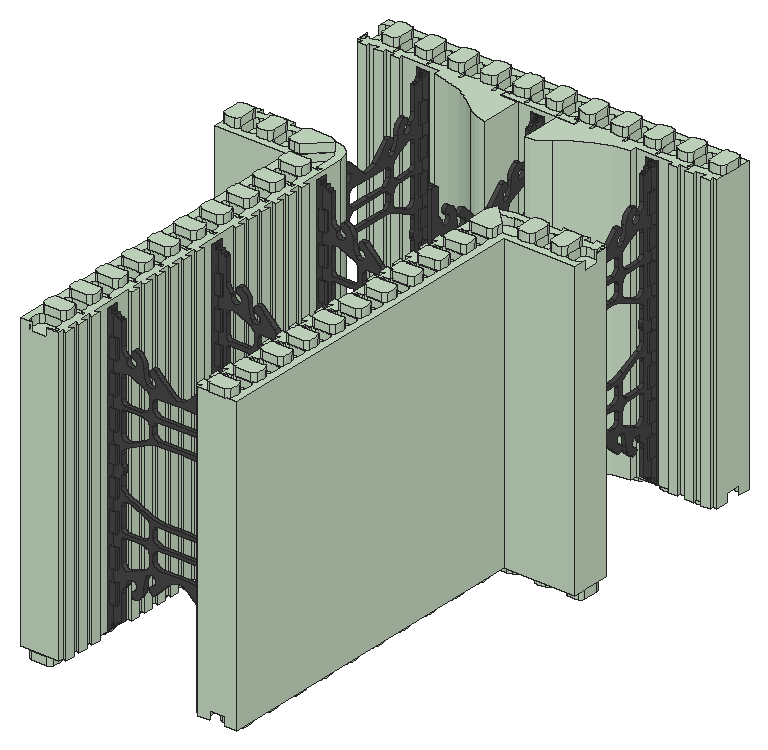
Revit family (continued)
Definition of nested family "8-inch Insert Web"
  Forms (mm)
    Extrusion 2, solid, material "High Density Polystyrene"
      sketch origin (0, 0, 0) x (0, 1, 0) y (0, 0, 1)
        loop
          arc (-45.72, 164.666) -> (-47.704, 171.483) -> (-53.037, 176.169) r 12.7
      from 3.175 to -3.175
    Extrusion 3, solid, material "High Density Polystyrene"
      sketch origin (0, 0, 0) x (0, 1, 0) y (0, 0, 1)
        loop
          line (106.934, 410.919) -> (94.234, 410.919) -> (94.234, 380.439) -> (106.934, 380.439) -> (106.934, 410.919)
        loop
          line (106.934, 361.389) -> (94.234, 361.389) -> (94.234, 330.909) -> (106.934, 330.909) -> (106.934, 361.389)
        loop
          line (106.934, 311.859) -> (94.234, 311.859) -> (94.234, 281.379) -> (106.934, 281.379) -> (106.934, 311.859)
        loop
          line (106.934, 262.329) -> (94.234, 262.329) -> (94.234, 234.897) -> (106.934, 234.897) -> (106.934, 262.329)
        loop
          line (106.934, 215.847) -> (94.234, 215.847) -> (94.234, 188.415) -> (106.934, 188.415) -> (106.934, 215.847)
        loop
          line (106.934, 169.365) -> (94.234, 169.365) -> (94.234, 138.885) -> (106.934, 138.885) -> (106.934, 169.365)
        loop
          line (106.934, 119.835) -> (94.234, 119.835) -> (94.234, 89.355) -> (106.934, 89.355) -> (106.934, 119.835)
        loop
          line (106.934, 70.305) -> (94.234, 70.305) -> (94.234, 39.825) -> (106.934, 39.825) -> (106.934, 70.305)
        loop
          line (-106.934, 410.919) -> (-106.934, 380.439) -> (-94.234, 380.439) -> (-94.234, 410.919) -> (-106.934, 410.919)
        loop
          line (-106.934, 361.389) -> (-106.934, 330.909) -> (-94.234, 330.909) -> (-94.234, 361.389) -> (-106.934, 361.389)
        loop
          line (-106.934, 311.859) -> (-106.934, 281.379) -> (-94.234, 281.379) -> (-94.234, 311.859) -> (-106.934, 311.859)
        loop
          line (-106.934, 262.329) -> (-106.934, 234.897) -> (-94.234, 234.897) -> (-94.234, 262.329) -> (-106.934, 262.329)
        loop
          line (-106.934, 215.847) -> (-106.934, 188.415) -> (-94.234, 188.415) -> (-94.234, 215.847) -> (-106.934, 215.847)
        loop
          line (-106.934, 169.365) -> (-106.934, 138.885) -> (-94.234, 138.885) -> (-94.234, 169.365) -> (-106.934, 169.365)
        loop
          line (-106.934, 119.835) -> (-106.934, 89.355) -> (-94.234, 89.355) -> (-94.234, 119.835) -> (-106.934, 119.835)
        loop
          line (-106.934, 70.305) -> (-106.934, 39.825) -> (-94.234, 39.825) -> (-94.234, 70.305) -> (-106.934, 70.305)
      from 6.35 to -6.35
    Extrusion 4, void
      sketch origin (0, 25.4, 0) x (1, 0, 0) y (0, 1, 0)
        loop
          line (-6.35, 70.929) -> (-6.35, 68.834) -> (-4.255, 68.834)
          arc (-4.255, 68.834) -> (-5.736, 69.448) -> (-6.35, 70.929) r 2.095
      from 0 to 457.2
    Extrusion 5, void
      sketch origin (0, 25.4, 0) x (-1, 0, 0) y (0, -1, 0)
        loop
          arc (-6.35, -70.929) -> (-5.736, -69.448) -> (-4.255, -68.834) r 2.095
          line (-4.255, -68.834) -> (-6.35, -68.834) -> (-6.35, -70.929)
      from 0 to 457.2
    Extrusion 6, void
      sketch origin (0, -25.4, 0) x (1, 0, 0) y (0, 1, 0)
        loop
          arc (-6.35, -70.929) -> (-5.736, -69.448) -> (-4.255, -68.834) r 2.095
          line (-4.255, -68.834) -> (-6.35, -68.834) -> (-6.35, -70.929)
      from 0 to 457.2
    Extrusion 7, void
      sketch origin (0, -25.4, 0) x (-1, 0, 0) y (0, -1, 0)
        loop
          line (-6.35, 70.929) -> (-6.35, 68.834) -> (-4.255, 68.834)
          arc (-4.255, 68.834) -> (-5.736, 69.448) -> (-6.35, 70.929) r 2.095
      from 0 to 457.2
  Cuts and joins
    Extrusion 4, Extrusion 5, Extrusion 6, Extrusion 7 cuts Extrusion 1
    Extrusion 4, Extrusion 5, Extrusion 6, Extrusion 7 cuts Extrusion 3
Definition of nested family "8-inch Insert Web w One Fastening Strip"
  Reference planes
    plane 1 "Center (Front/Back)": y = 0
    plane 2: z = 0
    plane 3 "Center (Left/Right)": x = 0
  Forms (mm)
    Extrusion 1, solid, material "High Density Polystyrene"
      sketch origin (0, 0, 0) x (0, 1, 0) y (0, 0, 1)
        loop
          arc (-107.95, 0) -> (-107.217, 0.502) -> (-106.934, 1.344) r 1.397
          line (-106.934, 1.344) -> (-106.934, 449.4)
          arc (-106.934, 449.4) -> (-107.217, 450.243) -> (-107.95, 450.744) r 1.397
          line (-107.95, 450.744) -> (-107.95, 0)
      from 9.227 to -9.227
    Extrusion 2, solid, material "High Density Polystyrene"
      sketch origin (0, 0, 0) x (0, 1, 0) y (0, 0, 1)
        loop
          line (-104.786, 446.33) -> (-106.542, 447.306)
          arc (-106.542, 447.306) -> (-106.829, 447.585) -> (-106.934, 447.972) r 0.762
          line (-106.934, 447.972) -> (-106.934, 441.652)
          arc (-106.934, 441.652) -> (-106.775, 442.021) -> (-106.398, 442.16) r 0.508
          line (-106.398, 442.16) -> (-104.93, 442.078)
          arc (-104.93, 442.078) -> (-104.553, 442.216) -> (-104.394, 442.585) r 0.508
          line (-104.394, 442.585) -> (-104.394, 445.664)
          arc (-104.394, 445.664) -> (-104.499, 446.05) -> (-104.786, 446.33) r 0.762
        loop
          arc (-104.786, 4.414) -> (-104.499, 4.694) -> (-104.394, 5.08) r 0.762
          line (-104.394, 5.08) -> (-104.394, 8.159)
          arc (-104.394, 8.159) -> (-104.553, 8.528) -> (-104.93, 8.666) r 0.508
          line (-104.93, 8.666) -> (-106.398, 8.585)
          arc (-106.398, 8.585) -> (-106.775, 8.723) -> (-106.934, 9.092) r 0.508
          line (-106.934, 9.092) -> (-106.934, 2.772)
          arc (-106.934, 2.772) -> (-106.829, 3.159) -> (-106.542, 3.439) r 0.762
          line (-106.542, 3.439) -> (-104.786, 4.414)
        loop
          line (101.6, 437.076) -> (99.695, 442.918)
          arc (99.695, 442.918) -> (98.425, 443.68) -> (97.155, 442.918) r 1.439
          line (97.155, 442.918) -> (95.913, 439.108) -> (92.683, 439.108)
          arc (92.683, 439.108) -> (91.804, 438.744) -> (91.44, 437.865) r 1.243
          line (91.44, 437.865) -> (91.44, 437.076) -> (88.9, 437.076) -> (88.9, 400.201)
          arc (88.9, 400.201) -> (87.144, 393.421) -> (82.318, 388.345) r 13.97
          arc (82.318, 388.345) -> (81.085, 386.915) -> (80.881, 385.039) r 3.175
          arc (80.881, 385.039) -> (69.576, 376.743) -> (70.402, 390.741) r 7.747
          arc (70.402, 390.741) -> (73.514, 398.005) -> (66.25, 401.117) r 5.588
          arc (66.25, 401.117) -> (57.259, 393.619) -> (54.399, 382.266) r 18.923
          arc (54.399, 382.266) -> (53.291, 371.727) -> (50.021, 361.646) r 50.8
          arc (50.021, 361.646) -> (37.344, 361.552) -> (41.55, 373.51) r 7.747
          arc (41.55, 373.51) -> (45.434, 381.929) -> (36.511, 384.447) r 6.096
          line (36.511, 384.447) -> (13.47, 361.407)
          arc (13.47, 361.407) -> (0, 355.827) -> (-13.47, 361.407) r 19.05
          line (-13.47, 361.407) -> (-36.511, 384.447)
          arc (-36.511, 384.447) -> (-45.434, 381.929) -> (-41.55, 373.51) r 6.096
          arc (-41.55, 373.51) -> (-37.344, 361.552) -> (-50.021, 361.646) r 7.747
          arc (-50.021, 361.646) -> (-53.291, 371.727) -> (-54.399, 382.266) r 50.8
          arc (-54.399, 382.266) -> (-57.259, 393.619) -> (-66.25, 401.117) r 18.923
          arc (-66.25, 401.117) -> (-73.514, 398.005) -> (-70.402, 390.741) r 5.588
          arc (-70.402, 390.741) -> (-69.576, 376.743) -> (-80.881, 385.039) r 7.747
          arc (-80.881, 385.039) -> (-81.085, 386.915) -> (-82.318, 388.345) r 3.175
          arc (-82.318, 388.345) -> (-87.144, 393.421) -> (-88.9, 400.201) r 13.97
          line (-88.9, 400.201) -> (-88.9, 437.076) -> (-91.44, 437.076) -> (-91.44, 437.865)
          arc (-91.44, 437.865) -> (-91.804, 438.744) -> (-92.683, 439.108) r 1.243
          line (-92.683, 439.108) -> (-95.913, 439.108) -> (-97.155, 442.918)
          arc (-97.155, 442.918) -> (-98.425, 443.68) -> (-99.695, 442.918) r 1.439
          line (-99.695, 442.918) -> (-101.6, 437.076) -> (-101.6, 16.896) -> (-99.695, 11.054)
          arc (-99.695, 11.054) -> (-98.425, 10.292) -> (-97.155, 11.054) r 1.439
          line (-97.155, 11.054) -> (-95.913, 14.864) -> (-92.683, 14.864)
          arc (-92.683, 14.864) -> (-91.804, 15.228) -> (-91.44, 16.107) r 1.243
          line (-91.44, 16.107) -> (-91.44, 16.896) -> (-88.9, 16.896) -> (-88.9, 56.999)
          arc (-88.9, 56.999) -> (-87.144, 63.779) -> (-82.318, 68.855) r 13.97
          arc (-82.318, 68.855) -> (-81.085, 70.285) -> (-80.881, 72.161) r 3.175
          arc (-80.881, 72.161) -> (-69.576, 80.457) -> (-70.402, 66.459) r 7.747
          arc (-70.402, 66.459) -> (-73.514, 59.195) -> (-66.25, 56.083) r 5.588
          arc (-66.25, 56.083) -> (-57.259, 63.581) -> (-54.399, 74.934) r 18.923
          arc (-54.399, 74.934) -> (-53.291, 85.473) -> (-50.021, 95.554) r 50.8
          arc (-50.021, 95.554) -> (-37.344, 95.648) -> (-41.55, 83.69) r 7.747
          arc (-41.55, 83.69) -> (-45.434, 75.271) -> (-36.511, 72.753) r 6.096
          line (-36.511, 72.753) -> (-13.47, 95.793)
          arc (-13.47, 95.793) -> (0, 101.373) -> (13.47, 95.793) r 19.05
          line (13.47, 95.793) -> (36.511, 72.753)
          arc (36.511, 72.753) -> (45.434, 75.271) -> (41.55, 83.69) r 6.096
          arc (41.55, 83.69) -> (37.344, 95.648) -> (50.021, 95.554) r 7.747
          arc (50.021, 95.554) -> (53.291, 85.473) -> (54.399, 74.934) r 50.8
          arc (54.399, 74.934) -> (57.259, 63.581) -> (66.25, 56.083) r 18.923
          arc (66.25, 56.083) -> (73.514, 59.195) -> (70.402, 66.459) r 5.588
          arc (70.402, 66.459) -> (69.576, 80.457) -> (80.881, 72.161) r 7.747
          arc (80.881, 72.161) -> (81.085, 70.285) -> (82.318, 68.855) r 3.175
          arc (82.318, 68.855) -> (87.144, 63.779) -> (88.9, 56.999) r 13.97
          line (88.9, 56.999) -> (88.9, 16.896) -> (91.44, 16.896) -> (91.44, 16.107)
          arc (91.44, 16.107) -> (91.804, 15.228) -> (92.683, 14.864) r 1.243
          line (92.683, 14.864) -> (95.913, 14.864) -> (97.155, 11.054)
          arc (97.155, 11.054) -> (98.425, 10.292) -> (99.695, 11.054) r 1.439
          line (99.695, 11.054) -> (101.6, 16.896) -> (101.6, 437.076)
        loop
          line (75.338, 365.319) -> (53.037, 354.882)
          arc (53.037, 354.882) -> (47.704, 350.196) -> (45.72, 343.38) r 12.7
          line (45.72, 343.38) -> (45.72, 332.943)
          arc (45.72, 332.943) -> (49.44, 323.962) -> (58.42, 320.243) r 12.7
          line (58.42, 320.243) -> (82.55, 320.243)
          arc (82.55, 320.243) -> (87.04, 322.103) -> (88.9, 326.593) r 6.35
          line (88.9, 326.593) -> (88.9, 356.692)
          arc (88.9, 356.692) -> (84.487, 364.729) -> (75.338, 365.319) r 9.525
        loop
          line (40.64, 329.768) -> (40.64, 340.162)
          arc (40.64, 340.162) -> (37.629, 345.093) -> (33.051, 348.618) r 15.855
          arc (33.051, 348.618) -> (29.537, 348.292) -> (26.01, 348.183) r 57.15
          line (26.01, 348.183) -> (0, 348.183) -> (-26.01, 348.183)
          arc (-26.01, 348.183) -> (-29.537, 348.292) -> (-33.051, 348.618) r 57.15
          arc (-33.051, 348.618) -> (-37.629, 345.093) -> (-40.64, 340.162) r 15.855
          line (-40.64, 340.162) -> (-40.64, 329.768)
          arc (-40.64, 329.768) -> (-36.952, 323.93) -> (-31.115, 320.243) r 15.684
          line (-31.115, 320.243) -> (0, 320.243) -> (31.115, 320.243)
          arc (31.115, 320.243) -> (36.952, 323.93) -> (40.64, 329.768) r 15.684
        loop
          line (-53.037, 354.882) -> (-75.338, 365.319)
          arc (-75.338, 365.319) -> (-84.487, 364.729) -> (-88.9, 356.692) r 9.525
          line (-88.9, 356.692) -> (-88.9, 326.593)
          arc (-88.9, 326.593) -> (-87.04, 322.103) -> (-82.55, 320.243) r 6.35
          line (-82.55, 320.243) -> (-58.42, 320.243)
          arc (-58.42, 320.243) -> (-49.44, 323.962) -> (-45.72, 332.943) r 12.7
          line (-45.72, 332.943) -> (-45.72, 340.735) -> (-45.72, 343.38)
          arc (-45.72, 343.38) -> (-47.704, 350.196) -> (-53.037, 354.882) r 12.7
        loop
          arc (75.338, 270.594) -> (84.487, 271.184) -> (88.9, 279.221) r 9.525
          line (88.9, 279.221) -> (88.9, 309.321)
          arc (88.9, 309.321) -> (87.04, 313.811) -> (82.55, 315.671) r 6.35
          line (82.55, 315.671) -> (58.42, 315.671)
          arc (58.42, 315.671) -> (49.44, 311.951) -> (45.72, 302.971) r 12.7
          line (45.72, 302.971) -> (45.72, 292.534)
          arc (45.72, 292.534) -> (47.704, 285.717) -> (53.037, 281.031) r 12.7
          line (53.037, 281.031) -> (75.338, 270.594)
        loop
          arc (40.64, 306.146) -> (36.952, 311.983) -> (31.115, 315.671) r 15.684
          line (31.115, 315.671) -> (0, 315.671) -> (-31.115, 315.671)
          arc (-31.115, 315.671) -> (-36.952, 311.983) -> (-40.64, 306.146) r 15.684
          line (-40.64, 306.146) -> (-40.64, 295.751)
          arc (-40.64, 295.751) -> (-37.629, 290.82) -> (-33.051, 287.295) r 15.855
          arc (-33.051, 287.295) -> (-29.537, 287.622) -> (-26.01, 287.731) r 57.15
          line (-26.01, 287.731) -> (0, 287.731) -> (26.01, 287.731)
          arc (26.01, 287.731) -> (29.537, 287.622) -> (33.051, 287.295) r 57.15
          arc (33.051, 287.295) -> (37.629, 290.82) -> (40.64, 295.751) r 15.855
          line (40.64, 295.751) -> (40.64, 306.146)
        loop
          arc (-53.037, 281.031) -> (-47.704, 285.717) -> (-45.72, 292.534) r 12.7
          line (-45.72, 292.534) -> (-45.72, 295.178) -> (-45.72, 302.971)
          arc (-45.72, 302.971) -> (-49.44, 311.951) -> (-58.42, 315.671) r 12.7
          line (-58.42, 315.671) -> (-82.55, 315.671)
          arc (-82.55, 315.671) -> (-87.04, 313.811) -> (-88.9, 309.321) r 6.35
          line (-88.9, 309.321) -> (-88.9, 279.221)
          arc (-88.9, 279.221) -> (-84.487, 271.184) -> (-75.338, 270.594) r 9.525
          line (-75.338, 270.594) -> (-53.037, 281.031)
        loop
          line (81.583, 262.614) -> (49.625, 277.57)
          arc (49.625, 277.57) -> (37.808, 281.595) -> (25.4, 282.958) r 57.15
          line (25.4, 282.958) -> (0, 282.958) -> (-25.4, 282.958)
          arc (-25.4, 282.958) -> (-37.808, 281.595) -> (-49.625, 277.57) r 57.15
          line (-49.625, 277.57) -> (-81.583, 262.614)
          arc (-81.583, 262.614) -> (-86.916, 257.927) -> (-88.9, 251.111) r 12.7
          line (-88.9, 251.111) -> (-88.9, 236.534) -> (-85.852, 231.454) -> (-85.852, 228.6) -> (-85.852, 225.746) -> (-88.9, 220.666) -> (-88.9, 206.089)
          arc (-88.9, 206.089) -> (-86.916, 199.273) -> (-81.583, 194.586) r 12.7
          line (-81.583, 194.586) -> (-49.625, 179.63)
          arc (-49.625, 179.63) -> (-37.808, 175.605) -> (-25.4, 174.242) r 57.15
          line (-25.4, 174.242) -> (0, 174.242) -> (25.4, 174.242)
          arc (25.4, 174.242) -> (37.808, 175.605) -> (49.625, 179.63) r 57.15
          line (49.625, 179.63) -> (81.583, 194.586)
          arc (81.583, 194.586) -> (86.916, 199.273) -> (88.9, 206.089) r 12.7
          line (88.9, 206.089) -> (88.9, 220.666) -> (85.852, 225.746) -> (85.852, 228.6) -> (85.852, 231.454) -> (88.9, 236.534) -> (88.9, 251.111)
          arc (88.9, 251.111) -> (86.916, 257.927) -> (81.583, 262.614) r 12.7
        loop
          arc (75.338, 91.881) -> (84.487, 92.471) -> (88.9, 100.508) r 9.525
          line (88.9, 100.508) -> (88.9, 130.607)
          arc (88.9, 130.607) -> (87.04, 135.097) -> (82.55, 136.957) r 6.35
          line (82.55, 136.957) -> (58.42, 136.957)
          arc (58.42, 136.957) -> (49.44, 133.238) -> (45.72, 124.257) r 12.7
          line (45.72, 124.257) -> (45.72, 113.82)
          arc (45.72, 113.82) -> (47.704, 107.004) -> (53.037, 102.318) r 12.7
          line (53.037, 102.318) -> (75.338, 91.881)
        loop
          arc (40.64, 127.432) -> (36.952, 133.27) -> (31.115, 136.957) r 15.684
          line (31.115, 136.957) -> (0, 136.957) -> (-31.115, 136.957)
          arc (-31.115, 136.957) -> (-36.952, 133.27) -> (-40.64, 127.432) r 15.684
          line (-40.64, 127.432) -> (-40.64, 117.038)
          arc (-40.64, 117.038) -> (-37.629, 112.107) -> (-33.051, 108.582) r 15.855
          arc (-33.051, 108.582) -> (-29.537, 108.908) -> (-26.01, 109.017) r 57.15
          line (-26.01, 109.017) -> (0, 109.017) -> (26.01, 109.017)
          arc (26.01, 109.017) -> (29.537, 108.908) -> (33.051, 108.582) r 57.15
          arc (33.051, 108.582) -> (37.629, 112.107) -> (40.64, 117.038) r 15.855
          line (40.64, 117.038) -> (40.64, 127.432)
        loop
          arc (-53.037, 102.318) -> (-47.704, 107.004) -> (-45.72, 113.82) r 12.7
          line (-45.72, 113.82) -> (-45.72, 116.465) -> (-45.72, 124.257)
          arc (-45.72, 124.257) -> (-49.44, 133.238) -> (-58.42, 136.957) r 12.7
          line (-58.42, 136.957) -> (-82.55, 136.957)
          arc (-82.55, 136.957) -> (-87.04, 135.097) -> (-88.9, 130.607) r 6.35
          line (-88.9, 130.607) -> (-88.9, 100.508)
          arc (-88.9, 100.508) -> (-84.487, 92.471) -> (-75.338, 91.881) r 9.525
          line (-75.338, 91.881) -> (-53.037, 102.318)
        loop
          line (75.338, 186.606) -> (53.037, 176.169)
          arc (53.037, 176.169) -> (47.704, 171.483) -> (45.72, 164.666) r 12.7
          line (45.72, 164.666) -> (45.72, 154.229)
          arc (45.72, 154.229) -> (49.44, 145.249) -> (58.42, 141.529) r 12.7
          line (58.42, 141.529) -> (82.55, 141.529)
          arc (82.55, 141.529) -> (87.04, 143.389) -> (88.9, 147.879) r 6.35
          line (88.9, 147.879) -> (88.9, 177.979)
          arc (88.9, 177.979) -> (84.487, 186.016) -> (75.338, 186.606) r 9.525
        loop
          line (40.64, 151.054) -> (40.64, 161.449)
          arc (40.64, 161.449) -> (37.629, 166.38) -> (33.051, 169.905) r 15.855
          arc (33.051, 169.905) -> (29.537, 169.578) -> (26.01, 169.469) r 57.15
          line (26.01, 169.469) -> (0, 169.469) -> (-26.01, 169.469)
          arc (-26.01, 169.469) -> (-29.537, 169.578) -> (-33.051, 169.905) r 57.15
          arc (-33.051, 169.905) -> (-37.629, 166.38) -> (-40.64, 161.449) r 15.855
          line (-40.64, 161.449) -> (-40.64, 151.054)
          arc (-40.64, 151.054) -> (-36.952, 145.217) -> (-31.115, 141.529) r 15.684
          line (-31.115, 141.529) -> (0, 141.529) -> (31.115, 141.529)
          arc (31.115, 141.529) -> (36.952, 145.217) -> (40.64, 151.054) r 15.684
        loop
          line (-53.037, 176.169) -> (-75.338, 186.606)
          arc (-75.338, 186.606) -> (-84.487, 186.016) -> (-88.9, 177.979) r 9.525
          line (-88.9, 177.979) -> (-88.9, 147.879)
          arc (-88.9, 147.879) -> (-87.04, 143.389) -> (-82.55, 141.529) r 6.35
          line (-82.55, 141.529) -> (-58.42, 141.529)
          arc (-58.42, 141.529) -> (-49.44, 145.249) -> (-45.72, 154.229) r 12.7
          line (-45.72, 154.229) -> (-45.72, 162.022) -> (-45.72, 164.666)
          arc (-45.72, 164.666) -> (-47.704, 171.483) -> (-53.037, 176.169) r 12.7
      from 3.175 to -3.175
    Extrusion 3, solid, material "High Density Polystyrene"
      sketch origin (0, 0, 0) x (0, 1, 0) y (0, 0, 1)
        loop
          line (-106.934, 410.919) -> (-106.934, 380.439) -> (-94.234, 380.439) -> (-94.234, 410.919) -> (-106.934, 410.919)
        loop
          line (-106.934, 361.389) -> (-106.934, 330.909) -> (-94.234, 330.909) -> (-94.234, 361.389) -> (-106.934, 361.389)
        loop
          line (-106.934, 311.859) -> (-106.934, 281.379) -> (-94.234, 281.379) -> (-94.234, 311.859) -> (-106.934, 311.859)
        loop
          line (-106.934, 262.329) -> (-106.934, 234.897) -> (-94.234, 234.897) -> (-94.234, 262.329) -> (-106.934, 262.329)
        loop
          line (-106.934, 215.847) -> (-106.934, 188.415) -> (-94.234, 188.415) -> (-94.234, 215.847) -> (-106.934, 215.847)
        loop
          line (-106.934, 169.365) -> (-106.934, 138.885) -> (-94.234, 138.885) -> (-94.234, 169.365) -> (-106.934, 169.365)
        loop
          line (-106.934, 119.835) -> (-106.934, 89.355) -> (-94.234, 89.355) -> (-94.234, 119.835) -> (-106.934, 119.835)
        loop
          line (-106.934, 70.305) -> (-106.934, 39.825) -> (-94.234, 39.825) -> (-94.234, 70.305) -> (-106.934, 70.305)
      from 6.35 to -6.35
    Extrusion 4, void
      sketch origin (0, -25.4, 0) x (1, 0, 0) y (0, 1, 0)
        loop
          arc (-6.35, -70.929) -> (-5.736, -69.448) -> (-4.255, -68.834) r 2.095
          line (-4.255, -68.834) -> (-6.35, -68.834) -> (-6.35, -70.929)
      from 0 to 457.2
    Extrusion 5, void
      sketch origin (0, -25.4, 0) x (-1, 0, 0) y (0, -1, 0)
        loop
          line (-6.35, 70.929) -> (-6.35, 68.834) -> (-4.255, 68.834)
          arc (-4.255, 68.834) -> (-5.736, 69.448) -> (-6.35, 70.929) r 2.095
      from 0 to 457.2
  Cuts and joins
    Extrusion 4, Extrusion 5 cuts Extrusion 1
    Extrusion 4, Extrusion 5 cuts Extrusion 3
Definition of nested family "NUDURA Diamond Pattern"
  Reference planes
    plane 1 "Center (Front/Back)": y = 0
    plane 2: z = 0
    plane 3 "Center (Left/Right)": x = 0
    plane 4: z = 457.2
  Lines and regions (mm)
    model lines
      curve 1: line (203.2, -142.875, 457.2) -> (203.2, -142.875, 0)
      curve 2: line (152.4, -142.875, 457.2) -> (152.4, -142.875, 0)
      curve 3: line (50.8, -142.875, 457.2) -> (50.8, -142.875, 0)
      curve 4: line (85.183, -142.875, 431.415) -> (93.906, -142.875, 422.692)
      curve 5: arc (85.183, -142.875, 444.885) -> (82.394, -142.875, 438.15) -> (85.183, -142.875, 431.415) r 9.525
      curve 6: line (94.708, -142.875, 454.41) -> (85.183, -142.875, 444.885)
      curve 7: arc (108.179, -142.875, 454.41) -> (101.444, -142.875, 457.2) -> (94.708, -142.875, 454.41) r 9.525
      curve 8: line (117.704, -142.875, 444.885) -> (108.179, -142.875, 454.41)
      curve 9: arc (117.704, -142.875, 431.415) -> (120.494, -142.875, 438.15) -> (117.704, -142.875, 444.885) r 9.525
      curve 10: line (108.981, -142.875, 422.692) -> (117.704, -142.875, 431.415)
      curve 11: arc (105.934, -142.875, 452.165) -> (101.444, -142.875, 454.025) -> (96.953, -142.875, 452.165) r 6.35
      curve 12: line (115.459, -142.875, 442.64) -> (105.934, -142.875, 452.165)
      curve 13: arc (115.459, -142.875, 433.66) -> (117.319, -142.875, 438.15) -> (115.459, -142.875, 442.64) r 6.35
      curve 14: line (105.934, -142.875, 424.135) -> (115.459, -142.875, 433.66)
      curve 15: arc (96.953, -142.875, 424.135) -> (101.444, -142.875, 422.275) -> (105.934, -142.875, 424.135) r 6.35
      curve 16: line (87.428, -142.875, 433.66) -> (96.953, -142.875, 424.135)
      curve 17: arc (87.428, -142.875, 442.64) -> (85.569, -142.875, 438.15) -> (87.428, -142.875, 433.66) r 6.35
      curve 18: line (96.953, -142.875, 452.165) -> (87.428, -142.875, 442.64)
      curve 19: arc (93.906, -142.875, 415.508) -> (95.394, -142.875, 419.1) -> (93.906, -142.875, 422.692) r 5.08
      curve 20: line (117.704, -142.875, 406.785) -> (108.981, -142.875, 415.508)
      curve 21: arc (117.704, -142.875, 393.315) -> (120.494, -142.875, 400.05) -> (117.704, -142.875, 406.785) r 9.525
      curve 22: line (108.981, -142.875, 384.592) -> (117.704, -142.875, 393.315)
      curve 23: line (85.183, -142.875, 393.315) -> (93.906, -142.875, 384.592)
      curve 24: arc (85.183, -142.875, 406.785) -> (82.394, -142.875, 400.05) -> (85.183, -142.875, 393.315) r 9.525
      curve 25: line (93.906, -142.875, 415.508) -> (85.183, -142.875, 406.785)
      curve 26: arc (105.934, -142.875, 414.065) -> (101.444, -142.875, 415.925) -> (96.953, -142.875, 414.065) r 6.35
      curve 27: line (96.953, -142.875, 414.065) -> (87.428, -142.875, 404.54)
      curve 28: arc (87.428, -142.875, 404.54) -> (85.569, -142.875, 400.05) -> (87.428, -142.875, 395.56) r 6.35
      curve 29: line (87.428, -142.875, 395.56) -> (96.953, -142.875, 386.035)
      curve 30: arc (96.953, -142.875, 386.035) -> (101.444, -142.875, 384.175) -> (105.934, -142.875, 386.035) r 6.35
      curve 31: line (105.934, -142.875, 386.035) -> (115.459, -142.875, 395.56)
      curve 32: arc (115.459, -142.875, 395.56) -> (117.319, -142.875, 400.05) -> (115.459, -142.875, 404.54) r 6.35
      curve 33: line (115.459, -142.875, 404.54) -> (105.934, -142.875, 414.065)
      curve 34: arc (93.906, -142.875, 377.408) -> (95.394, -142.875, 381) -> (93.906, -142.875, 384.592) r 5.08
      curve 35: line (117.704, -142.875, 368.685) -> (108.981, -142.875, 377.408)
      curve 36: arc (117.704, -142.875, 355.215) -> (120.494, -142.875, 361.95) -> (117.704, -142.875, 368.685) r 9.525
      curve 37: line (108.981, -142.875, 346.492) -> (117.704, -142.875, 355.215)
      curve 38: line (85.183, -142.875, 355.215) -> (93.906, -142.875, 346.492)
      curve 39: arc (85.183, -142.875, 368.685) -> (82.394, -142.875, 361.95) -> (85.183, -142.875, 355.215) r 9.525
      curve 40: line (93.906, -142.875, 377.408) -> (85.183, -142.875, 368.685)
      curve 41: arc (105.934, -142.875, 375.965) -> (101.444, -142.875, 377.825) -> (96.953, -142.875, 375.965) r 6.35
      curve 42: line (96.953, -142.875, 375.965) -> (87.428, -142.875, 366.44)
      curve 43: arc (87.428, -142.875, 366.44) -> (85.569, -142.875, 361.95) -> (87.428, -142.875, 357.46) r 6.35
      curve 44: line (87.428, -142.875, 357.46) -> (96.953, -142.875, 347.935)
      curve 45: arc (96.953, -142.875, 347.935) -> (101.444, -142.875, 346.075) -> (105.934, -142.875, 347.935) r 6.35
      curve 46: line (105.934, -142.875, 347.935) -> (115.459, -142.875, 357.46)
      curve 47: arc (115.459, -142.875, 357.46) -> (117.319, -142.875, 361.95) -> (115.459, -142.875, 366.44) r 6.35
      curve 48: line (115.459, -142.875, 366.44) -> (105.934, -142.875, 375.965)
      curve 49: arc (93.906, -142.875, 339.308) -> (95.394, -142.875, 342.9) -> (93.906, -142.875, 346.492) r 5.08
      curve 50: line (117.704, -142.875, 330.585) -> (108.981, -142.875, 339.308)
      curve 51: arc (117.704, -142.875, 317.115) -> (120.494, -142.875, 323.85) -> (117.704, -142.875, 330.585) r 9.525
      curve 52: line (108.981, -142.875, 308.392) -> (117.704, -142.875, 317.115)
      curve 53: line (85.183, -142.875, 317.115) -> (93.906, -142.875, 308.392)
      curve 54: arc (85.183, -142.875, 330.585) -> (82.394, -142.875, 323.85) -> (85.183, -142.875, 317.115) r 9.525
      curve 55: line (93.906, -142.875, 339.308) -> (85.183, -142.875, 330.585)
      curve 56: arc (105.934, -142.875, 337.865) -> (101.444, -142.875, 339.725) -> (96.953, -142.875, 337.865) r 6.35
      curve 57: line (96.953, -142.875, 337.865) -> (87.428, -142.875, 328.34)
      curve 58: arc (87.428, -142.875, 328.34) -> (85.569, -142.875, 323.85) -> (87.428, -142.875, 319.36) r 6.35
      curve 59: line (87.428, -142.875, 319.36) -> (96.953, -142.875, 309.835)
      curve 60: arc (96.953, -142.875, 309.835) -> (101.444, -142.875, 307.975) -> (105.934, -142.875, 309.835) r 6.35
      curve 61: line (105.934, -142.875, 309.835) -> (115.459, -142.875, 319.36)
      curve 62: arc (115.459, -142.875, 319.36) -> (117.319, -142.875, 323.85) -> (115.459, -142.875, 328.34) r 6.35
      curve 63: line (115.459, -142.875, 328.34) -> (105.934, -142.875, 337.865)
      curve 64: arc (93.906, -142.875, 301.208) -> (95.394, -142.875, 304.8) -> (93.906, -142.875, 308.392) r 5.08
      curve 65: line (117.704, -142.875, 292.485) -> (108.981, -142.875, 301.208)
      curve 66: arc (117.704, -142.875, 279.015) -> (120.494, -142.875, 285.75) -> (117.704, -142.875, 292.485) r 9.525
      curve 67: line (108.981, -142.875, 270.292) -> (117.704, -142.875, 279.015)
      curve 68: line (85.183, -142.875, 279.015) -> (93.906, -142.875, 270.292)
      curve 69: arc (85.183, -142.875, 292.485) -> (82.394, -142.875, 285.75) -> (85.183, -142.875, 279.015) r 9.525
      curve 70: line (93.906, -142.875, 301.208) -> (85.183, -142.875, 292.485)
      curve 71: arc (105.934, -142.875, 299.765) -> (101.444, -142.875, 301.625) -> (96.953, -142.875, 299.765) r 6.35
      curve 72: line (96.953, -142.875, 299.765) -> (87.428, -142.875, 290.24)
      curve 73: arc (87.428, -142.875, 290.24) -> (85.569, -142.875, 285.75) -> (87.428, -142.875, 281.26) r 6.35
      curve 74: line (87.428, -142.875, 281.26) -> (96.953, -142.875, 271.735)
      curve 75: arc (96.953, -142.875, 271.735) -> (101.444, -142.875, 269.875) -> (105.934, -142.875, 271.735) r 6.35
      curve 76: line (105.934, -142.875, 271.735) -> (115.459, -142.875, 281.26)
      curve 77: arc (115.459, -142.875, 281.26) -> (117.319, -142.875, 285.75) -> (115.459, -142.875, 290.24) r 6.35
      curve 78: line (115.459, -142.875, 290.24) -> (105.934, -142.875, 299.765)
      curve 79: arc (93.906, -142.875, 263.108) -> (95.394, -142.875, 266.7) -> (93.906, -142.875, 270.292) r 5.08
      curve 80: line (117.704, -142.875, 254.385) -> (108.981, -142.875, 263.108)
      curve 81: arc (117.704, -142.875, 240.915) -> (120.494, -142.875, 247.65) -> (117.704, -142.875, 254.385) r 9.525
      curve 82: line (108.981, -142.875, 232.192) -> (117.704, -142.875, 240.915)
      curve 83: line (85.183, -142.875, 240.915) -> (93.906, -142.875, 232.192)
      curve 84: arc (85.183, -142.875, 254.385) -> (82.394, -142.875, 247.65) -> (85.183, -142.875, 240.915) r 9.525
      curve 85: line (93.906, -142.875, 263.108) -> (85.183, -142.875, 254.385)
      curve 86: arc (105.934, -142.875, 261.665) -> (101.444, -142.875, 263.525) -> (96.953, -142.875, 261.665) r 6.35
      curve 87: line (96.953, -142.875, 261.665) -> (87.428, -142.875, 252.14)
      curve 88: arc (87.428, -142.875, 252.14) -> (85.569, -142.875, 247.65) -> (87.428, -142.875, 243.16) r 6.35
      curve 89: line (87.428, -142.875, 243.16) -> (96.953, -142.875, 233.635)
      curve 90: arc (96.953, -142.875, 233.635) -> (101.444, -142.875, 231.775) -> (105.934, -142.875, 233.635) r 6.35
      curve 91: line (105.934, -142.875, 233.635) -> (115.459, -142.875, 243.16)
      curve 92: arc (115.459, -142.875, 243.16) -> (117.319, -142.875, 247.65) -> (115.459, -142.875, 252.14) r 6.35
      curve 93: line (115.459, -142.875, 252.14) -> (105.934, -142.875, 261.665)
      curve 94: arc (93.906, -142.875, 225.008) -> (95.394, -142.875, 228.6) -> (93.906, -142.875, 232.192) r 5.08
      curve 95: line (117.704, -142.875, 216.285) -> (108.981, -142.875, 225.008)
      curve 96: arc (117.704, -142.875, 202.815) -> (120.494, -142.875, 209.55) -> (117.704, -142.875, 216.285) r 9.525
      curve 97: line (108.981, -142.875, 194.092) -> (117.704, -142.875, 202.815)
      curve 98: line (85.183, -142.875, 202.815) -> (93.906, -142.875, 194.092)
      curve 99: arc (85.183, -142.875, 216.285) -> (82.394, -142.875, 209.55) -> (85.183, -142.875, 202.815) r 9.525
      curve 100: line (93.906, -142.875, 225.008) -> (85.183, -142.875, 216.285)
      curve 101: arc (105.934, -142.875, 223.565) -> (101.444, -142.875, 225.425) -> (96.953, -142.875, 223.565) r 6.35
      curve 102: line (96.953, -142.875, 223.565) -> (87.428, -142.875, 214.04)
      curve 103: arc (87.428, -142.875, 214.04) -> (85.569, -142.875, 209.55) -> (87.428, -142.875, 205.06) r 6.35
      curve 104: line (87.428, -142.875, 205.06) -> (96.953, -142.875, 195.535)
      curve 105: arc (96.953, -142.875, 195.535) -> (101.444, -142.875, 193.675) -> (105.934, -142.875, 195.535) r 6.35
      curve 106: line (105.934, -142.875, 195.535) -> (115.459, -142.875, 205.06)
      curve 107: arc (115.459, -142.875, 205.06) -> (117.319, -142.875, 209.55) -> (115.459, -142.875, 214.04) r 6.35
      curve 108: line (115.459, -142.875, 214.04) -> (105.934, -142.875, 223.565)
      curve 109: arc (93.906, -142.875, 186.908) -> (95.394, -142.875, 190.5) -> (93.906, -142.875, 194.092) r 5.08
      curve 110: line (117.704, -142.875, 178.185) -> (108.981, -142.875, 186.908)
      curve 111: arc (117.704, -142.875, 164.715) -> (120.494, -142.875, 171.45) -> (117.704, -142.875, 178.185) r 9.525
      curve 112: line (108.981, -142.875, 155.992) -> (117.704, -142.875, 164.715)
      curve 113: line (85.183, -142.875, 164.715) -> (93.906, -142.875, 155.992)
      curve 114: arc (85.183, -142.875, 178.185) -> (82.394, -142.875, 171.45) -> (85.183, -142.875, 164.715) r 9.525
      curve 115: line (93.906, -142.875, 186.908) -> (85.183, -142.875, 178.185)
      curve 116: arc (105.934, -142.875, 185.465) -> (101.444, -142.875, 187.325) -> (96.953, -142.875, 185.465) r 6.35
      curve 117: line (96.953, -142.875, 185.465) -> (87.428, -142.875, 175.94)
      curve 118: arc (87.428, -142.875, 175.94) -> (85.569, -142.875, 171.45) -> (87.428, -142.875, 166.96) r 6.35
      curve 119: line (87.428, -142.875, 166.96) -> (96.953, -142.875, 157.435)
      curve 120: arc (96.953, -142.875, 157.435) -> (101.444, -142.875, 155.575) -> (105.934, -142.875, 157.435) r 6.35
      curve 121: line (105.934, -142.875, 157.435) -> (115.459, -142.875, 166.96)
      curve 122: arc (115.459, -142.875, 166.96) -> (117.319, -142.875, 171.45) -> (115.459, -142.875, 175.94) r 6.35
      curve 123: line (115.459, -142.875, 175.94) -> (105.934, -142.875, 185.465)
      curve 124: arc (93.906, -142.875, 148.808) -> (95.394, -142.875, 152.4) -> (93.906, -142.875, 155.992) r 5.08
      curve 125: line (117.704, -142.875, 140.085) -> (108.981, -142.875, 148.808)
      curve 126: arc (117.704, -142.875, 126.615) -> (120.494, -142.875, 133.35) -> (117.704, -142.875, 140.085) r 9.525
      curve 127: line (108.981, -142.875, 117.892) -> (117.704, -142.875, 126.615)
      curve 128: line (85.183, -142.875, 126.615) -> (93.906, -142.875, 117.892)
      curve 129: arc (85.183, -142.875, 140.085) -> (82.394, -142.875, 133.35) -> (85.183, -142.875, 126.615) r 9.525
      curve 130: line (93.906, -142.875, 148.808) -> (85.183, -142.875, 140.085)
      curve 131: arc (105.934, -142.875, 147.365) -> (101.444, -142.875, 149.225) -> (96.953, -142.875, 147.365) r 6.35
      curve 132: line (96.953, -142.875, 147.365) -> (87.428, -142.875, 137.84)
      curve 133: arc (87.428, -142.875, 137.84) -> (85.569, -142.875, 133.35) -> (87.428, -142.875, 128.86) r 6.35
      curve 134: line (87.428, -142.875, 128.86) -> (96.953, -142.875, 119.335)
      curve 135: arc (96.953, -142.875, 119.335) -> (101.444, -142.875, 117.475) -> (105.934, -142.875, 119.335) r 6.35
      curve 136: line (105.934, -142.875, 119.335) -> (115.459, -142.875, 128.86)
      curve 137: arc (115.459, -142.875, 128.86) -> (117.319, -142.875, 133.35) -> (115.459, -142.875, 137.84) r 6.35
      curve 138: line (115.459, -142.875, 137.84) -> (105.934, -142.875, 147.365)
      curve 139: arc (93.906, -142.875, 110.708) -> (95.394, -142.875, 114.3) -> (93.906, -142.875, 117.892) r 5.08
      curve 140: line (117.704, -142.875, 101.985) -> (108.981, -142.875, 110.708)
      curve 141: arc (117.704, -142.875, 88.515) -> (120.494, -142.875, 95.25) -> (117.704, -142.875, 101.985) r 9.525
      curve 142: line (108.981, -142.875, 79.792) -> (117.704, -142.875, 88.515)
      curve 143: line (85.183, -142.875, 88.515) -> (93.906, -142.875, 79.792)
      curve 144: arc (85.183, -142.875, 101.985) -> (82.394, -142.875, 95.25) -> (85.183, -142.875, 88.515) r 9.525
      curve 145: line (93.906, -142.875, 110.708) -> (85.183, -142.875, 101.985)
      curve 146: arc (105.934, -142.875, 109.265) -> (101.444, -142.875, 111.125) -> (96.953, -142.875, 109.265) r 6.35
      curve 147: line (96.953, -142.875, 109.265) -> (87.428, -142.875, 99.74)
      curve 148: arc (87.428, -142.875, 99.74) -> (85.569, -142.875, 95.25) -> (87.428, -142.875, 90.76) r 6.35
      curve 149: line (87.428, -142.875, 90.76) -> (96.953, -142.875, 81.235)
      curve 150: arc (96.953, -142.875, 81.235) -> (101.444, -142.875, 79.375) -> (105.934, -142.875, 81.235) r 6.35
      curve 151: line (105.934, -142.875, 81.235) -> (115.459, -142.875, 90.76)
      curve 152: arc (115.459, -142.875, 90.76) -> (117.319, -142.875, 95.25) -> (115.459, -142.875, 99.74) r 6.35
      curve 153: line (115.459, -142.875, 99.74) -> (105.934, -142.875, 109.265)
      curve 154: arc (93.906, -142.875, 72.608) -> (95.394, -142.875, 76.2) -> (93.906, -142.875, 79.792) r 5.08
      curve 155: line (117.704, -142.875, 63.885) -> (108.981, -142.875, 72.608)
      curve 156: arc (117.704, -142.875, 50.415) -> (120.494, -142.875, 57.15) -> (117.704, -142.875, 63.885) r 9.525
      curve 157: line (108.981, -142.875, 41.692) -> (117.704, -142.875, 50.415)
      curve 158: line (85.183, -142.875, 50.415) -> (93.906, -142.875, 41.692)
      curve 159: arc (85.183, -142.875, 63.885) -> (82.394, -142.875, 57.15) -> (85.183, -142.875, 50.415) r 9.525
      curve 160: line (93.906, -142.875, 72.608) -> (85.183, -142.875, 63.885)
      curve 161: arc (105.934, -142.875, 71.165) -> (101.444, -142.875, 73.025) -> (96.953, -142.875, 71.165) r 6.35
      curve 162: line (96.953, -142.875, 71.165) -> (87.428, -142.875, 61.64)
      curve 163: arc (87.428, -142.875, 61.64) -> (85.569, -142.875, 57.15) -> (87.428, -142.875, 52.66) r 6.35
      curve 164: line (87.428, -142.875, 52.66) -> (96.953, -142.875, 43.135)
      curve 165: arc (96.953, -142.875, 43.135) -> (101.444, -142.875, 41.275) -> (105.934, -142.875, 43.135) r 6.35
      curve 166: line (105.934, -142.875, 43.135) -> (115.459, -142.875, 52.66)
      curve 167: arc (115.459, -142.875, 52.66) -> (117.319, -142.875, 57.15) -> (115.459, -142.875, 61.64) r 6.35
      curve 168: line (115.459, -142.875, 61.64) -> (105.934, -142.875, 71.165)
      curve 169: arc (93.906, -142.875, 34.508) -> (95.394, -142.875, 38.1) -> (93.906, -142.875, 41.692) r 5.08
      curve 170: line (93.906, -142.875, 34.508) -> (85.183, -142.875, 25.785)
      curve 171: arc (85.183, -142.875, 25.785) -> (82.394, -142.875, 19.05) -> (85.183, -142.875, 12.315) r 9.525
      curve 172: line (85.183, -142.875, 12.315) -> (94.708, -142.875, 2.79)
      curve 173: arc (94.708, -142.875, 2.79) -> (101.444, -142.875, 0) -> (108.179, -142.875, 2.79) r 9.525
      curve 174: line (108.179, -142.875, 2.79) -> (117.704, -142.875, 12.315)
      curve 175: arc (117.704, -142.875, 12.315) -> (120.494, -142.875, 19.05) -> (117.704, -142.875, 25.785) r 9.525
      curve 176: line (117.704, -142.875, 25.785) -> (108.981, -142.875, 34.508)
      curve 177: arc (108.981, -142.875, 41.692) -> (107.493, -142.875, 38.1) -> (108.981, -142.875, 34.508) r 5.08
      curve 178: arc (105.934, -142.875, 33.065) -> (101.444, -142.875, 34.925) -> (96.953, -142.875, 33.065) r 6.35
      curve 179: line (115.459, -142.875, 23.54) -> (105.934, -142.875, 33.065)
      curve 180: arc (115.459, -142.875, 14.56) -> (117.319, -142.875, 19.05) -> (115.459, -142.875, 23.54) r 6.35
      curve 181: line (105.934, -142.875, 5.035) -> (115.459, -142.875, 14.56)
      curve 182: arc (96.953, -142.875, 5.035) -> (101.444, -142.875, 3.175) -> (105.934, -142.875, 5.035) r 6.35
      curve 183: line (87.428, -142.875, 14.56) -> (96.953, -142.875, 5.035)
      curve 184: arc (87.428, -142.875, 23.54) -> (85.569, -142.875, 19.05) -> (87.428, -142.875, 14.56) r 6.35
      curve 185: line (96.953, -142.875, 33.065) -> (87.428, -142.875, 23.54)
      curve 186: arc (108.981, -142.875, 79.792) -> (107.493, -142.875, 76.2) -> (108.981, -142.875, 72.608) r 5.08
      curve 187: arc (108.981, -142.875, 117.892) -> (107.493, -142.875, 114.3) -> (108.981, -142.875, 110.708) r 5.08
      curve 188: arc (108.981, -142.875, 155.992) -> (107.493, -142.875, 152.4) -> (108.981, -142.875, 148.808) r 5.08
      curve 189: arc (108.981, -142.875, 194.092) -> (107.493, -142.875, 190.5) -> (108.981, -142.875, 186.908) r 5.08
      curve 190: arc (108.981, -142.875, 232.192) -> (107.493, -142.875, 228.6) -> (108.981, -142.875, 225.008) r 5.08
      curve 191: arc (108.981, -142.875, 270.292) -> (107.493, -142.875, 266.7) -> (108.981, -142.875, 263.108) r 5.08
      curve 192: arc (108.981, -142.875, 308.392) -> (107.493, -142.875, 304.8) -> (108.981, -142.875, 301.208) r 5.08
      curve 193: arc (108.981, -142.875, 346.492) -> (107.493, -142.875, 342.9) -> (108.981, -142.875, 339.308) r 5.08
      curve 194: arc (108.981, -142.875, 384.592) -> (107.493, -142.875, 381) -> (108.981, -142.875, 377.408) r 5.08
      curve 195: arc (108.981, -142.875, 422.692) -> (107.493, -142.875, 419.1) -> (108.981, -142.875, 415.508) r 5.08
Definition of nested family "NUDURA Logo Diamond"
  Reference planes
    plane 1 "Center (Front/Back)": y = 0
    plane 2: z = 0
    plane 3 "Center (Left/Right)": x = 0
  Lines and regions (mm)
    model lines
      curve 1: line (320.001, 0, 444.526) -> (311.021, 0, 453.507)
      curve 2: line (313.973, 0, 425.925) -> (320.001, 0, 431.954)
      curve 3: line (320.001, 0, 406.426) -> (313.973, 0, 412.455)
      curve 4: line (313.973, 0, 387.825) -> (320.001, 0, 393.854)
      curve 5: line (320.001, 0, 368.326) -> (313.973, 0, 374.355)
      curve 6: line (313.973, 0, 349.725) -> (320.001, 0, 355.754)
      curve 7: line (309.225, 0, 337.411) -> (322.887, 0, 323.749)
      curve 8: line (322.887, 0, 323.749) -> (324.683, 0, 325.545)
      curve 9: line (286.583, 0, 323.749) -> (300.245, 0, 337.411)
      curve 10: line (295.497, 0, 336.255) -> (284.787, 0, 325.545)
      curve 11: line (289.468, 0, 355.754) -> (295.497, 0, 349.725)
      curve 12: line (295.497, 0, 374.355) -> (289.468, 0, 368.326)
      curve 13: line (289.468, 0, 393.854) -> (295.497, 0, 387.825)
      curve 14: line (295.497, 0, 412.455) -> (289.468, 0, 406.426)
      curve 15: line (289.468, 0, 431.954) -> (295.497, 0, 425.925)
      curve 16: line (298.449, 0, 453.507) -> (289.468, 0, 444.526)
      curve 17: line (300.245, 0, 451.711) -> (291.265, 0, 442.73)
      curve 18: line (318.205, 0, 442.73) -> (309.225, 0, 451.711)
      curve 19: line (309.225, 0, 424.77) -> (318.205, 0, 433.75)
      curve 20: line (291.265, 0, 433.75) -> (300.245, 0, 424.77)
      curve 21: arc (289.468, 0, 444.526) -> (286.865, 0, 438.24) -> (289.468, 0, 431.954) r 8.89
      curve 22: arc (298.449, 0, 453.507) -> (304.735, 0, 456.111) -> (311.021, 0, 453.507) r 8.89
      curve 23: arc (291.265, 0, 442.73) -> (289.405, 0, 438.24) -> (291.265, 0, 433.75) r 6.35
      curve 24: arc (318.205, 0, 442.73) -> (320.065, 0, 438.24) -> (318.205, 0, 433.75) r 6.35
      curve 25: arc (309.225, 0, 424.77) -> (304.735, 0, 422.91) -> (300.245, 0, 424.77) r 6.35
      curve 26: arc (300.245, 0, 451.711) -> (304.735, 0, 453.571) -> (309.225, 0, 451.711) r 6.35
      curve 27: arc (320.001, 0, 444.526) -> (322.605, 0, 438.24) -> (320.001, 0, 431.954) r 8.89
      curve 28: arc (295.497, 0, 425.925) -> (298.287, 0, 419.19) -> (295.497, 0, 412.455) r 9.525
      curve 29: arc (313.973, 0, 425.925) -> (311.183, 0, 419.19) -> (313.973, 0, 412.455) r 9.525
      curve 30: line (313.973, 0, 387.825) -> (320.001, 0, 393.854)
      curve 31: line (289.468, 0, 393.854) -> (295.497, 0, 387.825)
      curve 32: line (300.245, 0, 413.611) -> (291.265, 0, 404.63)
      curve 33: line (318.205, 0, 404.63) -> (309.225, 0, 413.611)
      curve 34: line (309.225, 0, 386.67) -> (318.205, 0, 395.65)
      curve 35: line (291.265, 0, 395.65) -> (300.245, 0, 386.67)
      curve 36: arc (289.468, 0, 406.426) -> (286.865, 0, 400.14) -> (289.468, 0, 393.854) r 8.89
      curve 37: arc (291.265, 0, 404.63) -> (289.405, 0, 400.14) -> (291.265, 0, 395.65) r 6.35
      curve 38: arc (318.205, 0, 404.63) -> (320.065, 0, 400.14) -> (318.205, 0, 395.65) r 6.35
      curve 39: arc (309.225, 0, 386.67) -> (304.735, 0, 384.81) -> (300.245, 0, 386.67) r 6.35
      curve 40: arc (300.245, 0, 413.611) -> (304.735, 0, 415.471) -> (309.225, 0, 413.611) r 6.35
      curve 41: arc (320.001, 0, 406.426) -> (322.605, 0, 400.14) -> (320.001, 0, 393.854) r 8.89
      curve 42: line (295.497, 0, 412.455) -> (289.468, 0, 406.426)
      curve 43: line (320.001, 0, 406.426) -> (313.973, 0, 412.455)
      curve 44: arc (295.497, 0, 387.825) -> (298.287, 0, 381.09) -> (295.497, 0, 374.355) r 9.525
      curve 45: arc (313.973, 0, 387.825) -> (311.183, 0, 381.09) -> (313.973, 0, 374.355) r 9.525
      curve 46: line (313.973, 0, 349.725) -> (320.001, 0, 355.754)
      curve 47: line (289.468, 0, 355.754) -> (295.497, 0, 349.725)
      curve 48: line (300.245, 0, 375.511) -> (291.265, 0, 366.53)
      curve 49: line (318.205, 0, 366.53) -> (309.225, 0, 375.511)
      curve 50: line (309.225, 0, 348.57) -> (318.205, 0, 357.55)
      curve 51: line (291.265, 0, 357.55) -> (300.245, 0, 348.57)
      curve 52: arc (289.468, 0, 368.326) -> (286.865, 0, 362.04) -> (289.468, 0, 355.754) r 8.89
      curve 53: arc (291.265, 0, 366.53) -> (289.405, 0, 362.04) -> (291.265, 0, 357.55) r 6.35
      curve 54: arc (318.205, 0, 366.53) -> (320.065, 0, 362.04) -> (318.205, 0, 357.55) r 6.35
      curve 55: arc (309.225, 0, 348.57) -> (304.735, 0, 346.71) -> (300.245, 0, 348.57) r 6.35
      curve 56: arc (300.245, 0, 375.511) -> (304.735, 0, 377.371) -> (309.225, 0, 375.511) r 6.35
      curve 57: arc (320.001, 0, 368.326) -> (322.605, 0, 362.04) -> (320.001, 0, 355.754) r 8.89
      curve 58: line (295.497, 0, 374.355) -> (289.468, 0, 368.326)
      curve 59: arc (295.497, 0, 349.725) -> (298.287, 0, 342.99) -> (295.497, 0, 336.255) r 9.525
      curve 60: arc (313.973, 0, 349.725) -> (311.183, 0, 342.99) -> (313.973, 0, 336.255) r 9.525
      curve 61: line (324.683, 0, 325.545) -> (313.973, 0, 336.255)
      curve 62: line (284.787, 0, 325.545) -> (286.583, 0, 323.749)
      curve 63: arc (300.245, 0, 337.411) -> (304.735, 0, 339.271) -> (309.225, 0, 337.411) r 6.35
      curve 64: line (320.001, 0, 12.854) -> (311.021, 0, 3.874)
      curve 65: line (313.973, 0, 31.455) -> (320.001, 0, 25.426)
      curve 66: line (320.001, 0, 50.954) -> (313.973, 0, 44.925)
      curve 67: line (313.973, 0, 69.555) -> (320.001, 0, 63.526)
      curve 68: line (320.001, 0, 89.054) -> (313.973, 0, 83.025)
      curve 69: line (313.973, 0, 107.655) -> (320.001, 0, 101.626)
      curve 70: line (309.225, 0, 119.97) -> (322.887, 0, 133.632)
      curve 71: line (322.887, 0, 133.632) -> (324.683, 0, 131.836)
      curve 72: line (286.583, 0, 133.632) -> (300.245, 0, 119.97)
      curve 73: line (295.497, 0, 121.125) -> (284.787, 0, 131.836)
      curve 74: line (289.468, 0, 101.626) -> (295.497, 0, 107.655)
      curve 75: line (295.497, 0, 83.025) -> (289.468, 0, 89.054)
      curve 76: line (289.468, 0, 63.526) -> (295.497, 0, 69.555)
      curve 77: line (295.497, 0, 44.925) -> (289.468, 0, 50.954)
      curve 78: line (289.468, 0, 25.426) -> (295.497, 0, 31.455)
      curve 79: line (298.449, 0, 3.874) -> (289.468, 0, 12.854)
      curve 80: line (300.245, 0, 5.67) -> (291.265, 0, 14.65)
      curve 81: line (318.205, 0, 14.65) -> (309.225, 0, 5.67)
      curve 82: line (309.225, 0, 32.611) -> (318.205, 0, 23.63)
      curve 83: line (291.265, 0, 23.63) -> (300.245, 0, 32.611)
      curve 84: arc (289.468, 0, 12.854) -> (286.865, 0, 19.14) -> (289.468, 0, 25.426) r 8.89
      curve 85: arc (298.449, 0, 3.874) -> (304.735, 0, 1.27) -> (311.021, 0, 3.874) r 8.89
      curve 86: arc (291.265, 0, 14.65) -> (289.405, 0, 19.14) -> (291.265, 0, 23.63) r 6.35
      curve 87: arc (318.205, 0, 14.65) -> (320.065, 0, 19.14) -> (318.205, 0, 23.63) r 6.35
      curve 88: arc (309.225, 0, 32.611) -> (304.735, 0, 34.471) -> (300.245, 0, 32.611) r 6.35
      curve 89: arc (300.245, 0, 5.67) -> (304.735, 0, 3.81) -> (309.225, 0, 5.67) r 6.35
      curve 90: arc (320.001, 0, 12.854) -> (322.605, 0, 19.14) -> (320.001, 0, 25.426) r 8.89
      curve 91: arc (295.497, 0, 31.455) -> (298.287, 0, 38.19) -> (295.497, 0, 44.925) r 9.525
      curve 92: arc (313.973, 0, 31.455) -> (311.183, 0, 38.19) -> (313.973, 0, 44.925) r 9.525
      curve 93: line (313.973, 0, 69.555) -> (320.001, 0, 63.526)
      curve 94: line (289.468, 0, 63.526) -> (295.497, 0, 69.555)
      curve 95: line (300.245, 0, 43.77) -> (291.265, 0, 52.75)
      curve 96: line (318.205, 0, 52.75) -> (309.225, 0, 43.77)
      curve 97: line (309.225, 0, 70.711) -> (318.205, 0, 61.73)
      curve 98: line (291.265, 0, 61.73) -> (300.245, 0, 70.711)
      curve 99: arc (289.468, 0, 50.954) -> (286.865, 0, 57.24) -> (289.468, 0, 63.526) r 8.89
      curve 100: arc (291.265, 0, 52.75) -> (289.405, 0, 57.24) -> (291.265, 0, 61.73) r 6.35
      curve 101: arc (318.205, 0, 52.75) -> (320.065, 0, 57.24) -> (318.205, 0, 61.73) r 6.35
      curve 102: arc (309.225, 0, 70.711) -> (304.735, 0, 72.571) -> (300.245, 0, 70.711) r 6.35
      curve 103: arc (300.245, 0, 43.77) -> (304.735, 0, 41.91) -> (309.225, 0, 43.77) r 6.35
      curve 104: arc (320.001, 0, 50.954) -> (322.605, 0, 57.24) -> (320.001, 0, 63.526) r 8.89
      curve 105: line (295.497, 0, 44.925) -> (289.468, 0, 50.954)
      curve 106: line (320.001, 0, 50.954) -> (313.973, 0, 44.925)
      curve 107: arc (295.497, 0, 69.555) -> (298.287, 0, 76.29) -> (295.497, 0, 83.025) r 9.525
      curve 108: arc (313.973, 0, 69.555) -> (311.183, 0, 76.29) -> (313.973, 0, 83.025) r 9.525
      curve 109: line (313.973, 0, 107.655) -> (320.001, 0, 101.626)
      curve 110: line (289.468, 0, 101.626) -> (295.497, 0, 107.655)
      curve 111: line (300.245, 0, 81.87) -> (291.265, 0, 90.85)
      curve 112: line (318.205, 0, 90.85) -> (309.225, 0, 81.87)
      curve 113: line (309.225, 0, 108.811) -> (318.205, 0, 99.83)
      curve 114: line (291.265, 0, 99.83) -> (300.245, 0, 108.811)
      curve 115: arc (289.468, 0, 89.054) -> (286.865, 0, 95.34) -> (289.468, 0, 101.626) r 8.89
      curve 116: arc (291.265, 0, 90.85) -> (289.405, 0, 95.34) -> (291.265, 0, 99.83) r 6.35
      curve 117: arc (318.205, 0, 90.85) -> (320.065, 0, 95.34) -> (318.205, 0, 99.83) r 6.35
      curve 118: arc (309.225, 0, 108.811) -> (304.735, 0, 110.671) -> (300.245, 0, 108.811) r 6.35
      curve 119: arc (300.245, 0, 81.87) -> (304.735, 0, 80.01) -> (309.225, 0, 81.87) r 6.35
      curve 120: arc (320.001, 0, 89.054) -> (322.605, 0, 95.34) -> (320.001, 0, 101.626) r 8.89
      curve 121: line (295.497, 0, 83.025) -> (289.468, 0, 89.054)
      curve 122: arc (295.497, 0, 107.655) -> (298.287, 0, 114.39) -> (295.497, 0, 121.125) r 9.525
      curve 123: arc (313.973, 0, 107.655) -> (311.183, 0, 114.39) -> (313.973, 0, 121.125) r 9.525
      curve 124: line (324.683, 0, 131.836) -> (313.973, 0, 121.125)
      curve 125: line (284.787, 0, 131.836) -> (286.583, 0, 133.632)
      curve 126: arc (300.245, 0, 119.97) -> (304.735, 0, 118.11) -> (309.225, 0, 119.97) r 6.35
      curve 127: line (314.26, 0, 317.59) -> (295.21, 0, 317.59)
      curve 128: line (323.785, 0, 149.315) -> (323.785, 0, 308.065)
      curve 129: line (285.685, 0, 308.065) -> (285.685, 0, 149.315)
      curve 130: line (295.21, 0, 139.79) -> (314.26, 0, 139.79)
      curve 131: line (316.797, 0, 304.89) -> (305.798, 0, 311.24)
      curve 132: line (316.797, 0, 292.19) -> (316.797, 0, 304.89)
      curve 133: line (311.298, 0, 289.015) -> (316.797, 0, 292.19)
      curve 134: line (305.373, 0, 292.436) -> (311.298, 0, 289.015)
      curve 135: line (310.447, 0, 295.365) -> (305.373, 0, 292.436)
      curve 136: line (299.874, 0, 307.82) -> (310.447, 0, 301.715)
      curve 137: line (310.447, 0, 301.715) -> (310.447, 0, 295.365)
      curve 138: line (305.798, 0, 311.24) -> (299.874, 0, 307.82)
      curve 139: line (299.023, 0, 295.611) -> (304.097, 0, 298.54)
      curve 140: line (304.097, 0, 298.54) -> (298.172, 0, 301.961)
      curve 141: line (298.172, 0, 301.961) -> (292.673, 0, 298.786)
      curve 142: line (292.673, 0, 298.786) -> (292.673, 0, 286.086)
      curve 143: line (299.023, 0, 289.261) -> (299.023, 0, 295.611)
      curve 144: line (309.596, 0, 283.156) -> (299.023, 0, 289.261)
      curve 145: line (303.671, 0, 279.736) -> (309.596, 0, 283.156)
      curve 146: line (292.673, 0, 286.086) -> (303.671, 0, 279.736)
      curve 147: line (312.702, 0, 269.344) -> (296.768, 0, 272.912)
      curve 148: line (296.768, 0, 272.912) -> (296.768, 0, 267.036)
      curve 149: line (296.768, 0, 267.036) -> (308.089, 0, 264.517)
      curve 150: line (308.089, 0, 264.517) -> (296.768, 0, 260.949)
      curve 151: line (296.768, 0, 260.949) -> (296.768, 0, 251.084)
      curve 152: line (296.768, 0, 251.084) -> (309.138, 0, 248.314)
      curve 153: line (309.138, 0, 248.314) -> (309.138, 0, 247.516)
      curve 154: line (309.138, 0, 247.516) -> (301.281, 0, 248.991)
      curve 155: line (296.768, 0, 245.246) -> (296.768, 0, 237.71)
      curve 156: line (306.598, 0, 222.094) -> (306.598, 0, 228.599)
      curve 157: line (306.598, 0, 228.599) -> (296.768, 0, 230.786)
      curve 158: line (296.768, 0, 230.786) -> (296.768, 0, 215.343)
      curve 159: line (302.723, 0, 230.274) -> (312.702, 0, 228.039)
      curve 160: line (300.341, 0, 217.291) -> (300.341, 0, 223.486)
      curve 161: line (300.341, 0, 223.486) -> (306.598, 0, 222.094)
      curve 162: line (296.768, 0, 205.027) -> (296.768, 0, 197.49)
      curve 163: line (302.723, 0, 190.055) -> (310.162, 0, 188.389)
      curve 164: line (310.162, 0, 188.389) -> (310.162, 0, 176.633)
      curve 165: line (308.892, 0, 175.363) -> (307.868, 0, 175.363)
      curve 166: line (306.598, 0, 176.633) -> (306.598, 0, 180.004)
      curve 167: line (306.598, 0, 180.004) -> (307.868, 0, 179.719)
      curve 168: line (307.868, 0, 179.719) -> (307.868, 0, 186.3)
      curve 169: line (307.868, 0, 186.3) -> (296.768, 0, 188.785)
      curve 170: line (296.768, 0, 188.785) -> (296.768, 0, 182.205)
      curve 171: line (296.768, 0, 182.205) -> (304.058, 0, 180.572)
      curve 172: line (304.058, 0, 180.572) -> (304.058, 0, 177.654)
      curve 173: line (302.788, 0, 176.384) -> (296.768, 0, 176.384)
      curve 174: line (296.768, 0, 176.384) -> (296.768, 0, 164.003)
      curve 175: line (296.768, 0, 164.003) -> (299.284, 0, 162.219)
      curve 176: line (299.284, 0, 162.219) -> (299.284, 0, 153.715)
      curve 177: line (307.942, 0, 156.079) -> (301.824, 0, 160.418)
      curve 178: line (301.824, 0, 160.418) -> (301.824, 0, 154.409)
      curve 179: line (301.824, 0, 154.409) -> (307.942, 0, 156.079)
      curve 180: line (299.284, 0, 153.715) -> (296.768, 0, 153.028)
      curve 181: line (296.768, 0, 153.028) -> (296.768, 0, 146.14)
      curve 182: line (296.768, 0, 146.14) -> (312.702, 0, 150.491)
      curve 183: line (312.702, 0, 150.491) -> (312.702, 0, 159.713)
      curve 184: line (312.702, 0, 159.713) -> (298.767, 0, 169.594)
      curve 185: line (298.767, 0, 169.594) -> (302.342, 0, 169.594)
      curve 186: line (312.702, 0, 172.383) -> (312.702, 0, 193.945)
      curve 187: line (312.702, 0, 193.945) -> (302.326, 0, 196.268)
      curve 188: line (300.341, 0, 198.747) -> (300.341, 0, 201.381)
      curve 189: line (301.888, 0, 202.62) -> (312.702, 0, 200.199)
      curve 190: line (312.702, 0, 200.199) -> (312.702, 0, 206.628)
      curve 191: line (312.702, 0, 206.628) -> (306.843, 0, 207.728)
      curve 192: line (312.702, 0, 212.942) -> (312.702, 0, 227.241)
      curve 193: line (312.702, 0, 227.241) -> (309.138, 0, 228.034)
      curve 194: line (309.138, 0, 228.034) -> (309.138, 0, 217.291)
      curve 195: line (312.702, 0, 228.039) -> (312.702, 0, 234.164)
      curve 196: line (312.702, 0, 234.164) -> (302.326, 0, 236.488)
      curve 197: line (300.341, 0, 238.966) -> (300.341, 0, 241.6)
      curve 198: line (301.736, 0, 242.874) -> (312.702, 0, 240.418)
      curve 199: line (312.702, 0, 240.418) -> (312.702, 0, 253.611)
      curve 200: line (312.702, 0, 253.611) -> (302.429, 0, 255.912)
      curve 201: line (302.429, 0, 255.912) -> (312.702, 0, 259.27)
      curve 202: line (312.702, 0, 259.27) -> (312.702, 0, 269.344)
      curve 203: arc (296.768, 0, 245.246) -> (298.145, 0, 248.178) -> (301.281, 0, 248.991) r 3.81
      curve 204: arc (296.768, 0, 237.71) -> (298.44, 0, 232.946) -> (302.723, 0, 230.274) r 7.62
      curve 205: arc (300.842, 0, 208.826) -> (297.87, 0, 211.5) -> (296.768, 0, 215.343) r 7.251
      curve 206: arc (296.768, 0, 205.027) -> (297.979, 0, 207.812) -> (300.842, 0, 208.826) r 3.808
      curve 207: arc (296.768, 0, 197.49) -> (298.44, 0, 192.727) -> (302.723, 0, 190.055) r 7.62
      curve 208: arc (300.341, 0, 198.747) -> (300.898, 0, 197.159) -> (302.326, 0, 196.268) r 2.54
      curve 209: arc (300.341, 0, 201.381) -> (300.817, 0, 202.372) -> (301.888, 0, 202.62) r 1.27
      curve 210: arc (307.868, 0, 175.363) -> (306.969, 0, 175.735) -> (306.598, 0, 176.633) r 1.27
      curve 211: arc (308.892, 0, 175.363) -> (309.79, 0, 175.735) -> (310.162, 0, 176.633) r 1.27
      curve 212: arc (304.058, 0, 177.654) -> (303.686, 0, 176.756) -> (302.788, 0, 176.384) r 1.27
      curve 213: arc (302.342, 0, 169.594) -> (303.976, 0, 170.198) -> (304.826, 0, 171.718) r 2.516
      curve 214: arc (304.826, 0, 171.718) -> (309.07, 0, 168.432) -> (312.702, 0, 172.383) r 3.966
      curve 215: arc (306.843, 0, 207.728) -> (310.942, 0, 209.02) -> (312.702, 0, 212.942) r 5.249
      curve 216: arc (300.341, 0, 217.291) -> (304.739, 0, 212.893) -> (309.138, 0, 217.291) r 4.398
